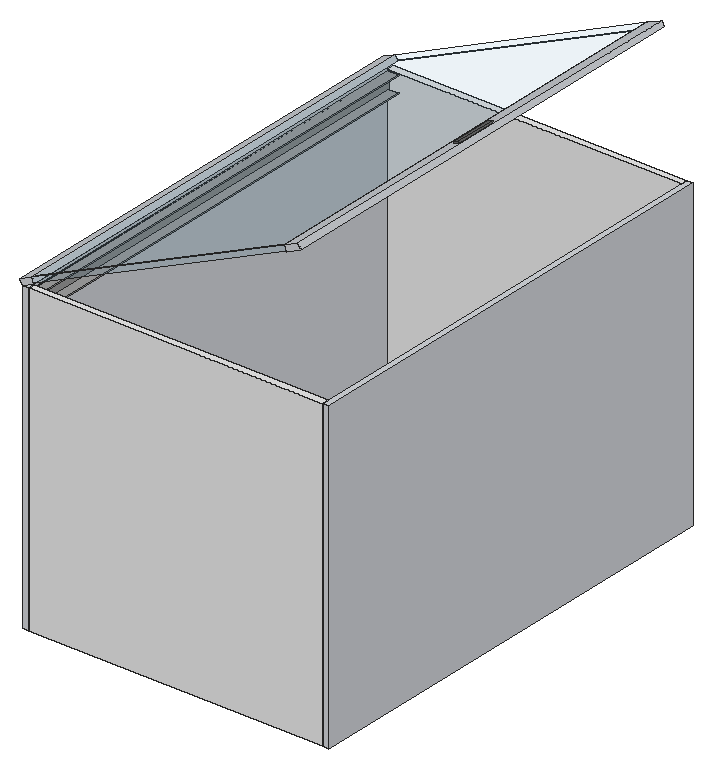
Revit family "Domotics-NetworkCabling-GEWISS-CABINETS_FLOOR-MOUNTED_19_24U_D800", category Apparecchi elettrici, host Superficie, Revit 2019
Family settings
  Host = Superficie
  Mantenere orientamento annotazione = Sì
  Quota connettore circolare = Usa diametro
  Tipo di parte = Normale
  Numero OmniClass = 23.80.30.00
  Titolo OmniClass = Distribution Devices
  Taglio con vuoti quando caricato = No
  Condiviso = No
  Punto di calcolo locali = Sì
Parameters (values of type "GW38461 - FLOOR RACK CABINET 19 24U 800x800MM")
  simbolo in pianta [instance] = yes
  n_poli = 1
  barra din = yes
  Visibilità sportello [instance] = yes
  Version file RFA = "21.2"
  URL = "https://www.gewiss.com/ww/en"
  Type of door = "Reversible"
  Technical sheet = "https://www.gewiss.com/ww/en/search?q=GW38461"
  Static load capacity = "1000KG"
  SEO = "Cabinet"
  Realized by GEWISS S.p.A. = ""
  Prospetto di default = 900 mm
  Produttore = "GEWISS S.p.A."
  Outer dim. LxHxD (mm) = "800x1185x800"
  Nome quadro [instance] = "n.quadro"
  No. uprights = "4"
  Modello = "GW38461"
  Material = "Steel"
  Immagine tipo = C.jpg
  IP degree = "IP20"
  IDT = "4a81b2fef4e14150ba3faaee316000c9"
  IDF = "d828743b-309c-4fe3-abe9-b9322d0b79af"
  Finishing = "Textured"
  Electrocod = "3752"
  Door opening = "135°"
  Distanza_x [instance] = 300 mm
  Distanza simbolo [instance] = 0 mm
  Distanza effettiva x [instance] = 1000 mm - Distanza_x  # 700 mm
  Descrizione = "FLOOR RACK CABINET 19 24U 800x800MM"
  Depth (mm) = "800 mm"
  Colour = "Grey (RAL 7035)"
  Category = "19” floor-standing cabinet"
  Catalogue = "DOMOTICS"
  Cabling unity = "24 U"
  COBie.Tagnumber = ""
  COBie.CreatedOn = ""
  COBie.CreatebBy = ""
  COBie.ComponentRegisterItemID = ""
  COBie.Component.TagNumber = ""
  COBie.Component.Space = ""
  COBie.Component.SerialNumber = ""
  COBie.Component.InstallationDate = ""
  COBie.Component.Description = ""
  COBie.Component.BarCode = ""
  Apertura [instance] = 25.00°
Reference planes
  plane 1 "Centro (Fronte/Retro)": y = 0
  plane 2: z = 0
  plane 3 "Centro (Sinistra/Destra)": x = 0
  plane 4: x = -1380.34
  plane 5: x = -680.34
Forms (mm)
  Extrusion 1, solid, detail levels coarse
    sketch origin (0, 0, 0) x (1, 0, 0) y (0, 1, 0)
      loop
        line (783.5, 0) -> (783.5, 1185) -> (-16.5, 1185) -> (-16.5, 0) -> (783.5, 0)
    from 0 to 600
Dimensions and locks
  plane 4 to plane 3 "Centro (Sinistra/Destra)" = 1380.34 mm
  "Distanza effettiva x": plane 4 to plane 5
  aligned and locked: host face to plane 2
  aligned and locked: host face to level
  aligned and locked: plane 1 "Centro (Fronte/Retro)" to nested 1
  aligned and locked: nested 2 to plane 5
  aligned and locked: Extrusion 1 sketch curve to nested 1  (x4)
  aligned and locked: plane 3 "Centro (Sinistra/Destra)" to nested 1
  aligned and locked: nested 1 to host face
Automatic sketch dimensions
  host sketch curve to host sketch curve = 3398.537 mm
  host sketch curve to host sketch curve = 3619.2 mm
Nested families
  nested 1: "DATACENTER ARMADIO PARETE 24U P800mm_base" at (-16.5, 0, 0), Apertura <- "Apertura", Sportello <- "Visibilità sportello", visible <- "Visibilità sportello", Barra din <- "barra din", Sportello visibile <- "Visibilità sportello", type "DATACENTER ARMADIO PARETE 24U P800mm_base", detail levels medium+fine
    with Sportello visibile yes, Sportello yes, Barra din yes, Apertura 25.00°
  nested 2: "DATACENTERsimbolo" at (-680.34, 911.19, 0), Distanza dal muro <- "Distanza simbolo", SIMBOLO ACCESO <- "simbolo in pianta", visible <- "simbolo in pianta", type "3P"
    with SIMBOLO ACCESO yes, Distanza dal muro 0 mm
Connectors
  electrical at (383.5, 592.5, 0), driven by "n_poli"
    settings: on nested 1, index 1, voltage 0 V, apparent load 0 VA, apparent load phase1 0 VA, apparent load phase2 0 VA, apparent load phase3 0 VA, power factor 1, load classification "Altro", number of poles 1, system type 31, power factor state 1, is connector primary yes, connector utility no, sub classification motor no, connector description ""
Definition of nested family "DATACENTER ARMADIO PARETE 24U P800mm_base"
  Parameters (values of type "DATACENTER ARMADIO PARETE 24U P800mm_base")
    Struttura = none
    Sportello_vetro = none
    Sportello visibile [instance] = yes
    Sportello lato = none
    Sportello [instance] = yes
    Profondità quadro = 800 mm  # constant formula
    L_quadro = 800 mm  # constant formula
    Barra din [instance] = yes
    Altezza quadro = 1185 mm  # constant formula
    Apertura [instance] = 32.00°
  Reference planes
    plane 1 "Centro (Fronte/Retro)": y = 0
    plane 2: z = 0
    plane 3 "Centro (Sinistra/Destra)": x = 0
    plane 4: x = 800
    plane 5: y = 1185
    plane 6: x = 16.5
    plane 7: y = 1168.5
    plane 8: y = 16.5
    plane 9: x = 783.5
    plane 10: z = 800
    plane 11: z = 16.5
    plane 12: x = 46.5
    plane 13: x = 18.5
    plane 14: z = 796
    plane 15: z = 751
    plane 16: z = 794
    plane 17: x = 20.5
    plane 18: z = 753
    plane 19: x = 44.5
    plane 20: z = 18.5
    plane 21: z = 63.5
    plane 22: z = 61.5
    plane 23: z = 20.5
  Forms (mm)
    Extrusion 1, solid, material <- "Struttura"
      sketch origin (0, 0, 0) x (1, 0, 0) y (0, 1, 0)
        loop
          line (16.5, 1168.5) -> (783.5, 1168.5) -> (783.5, 1185) -> (16.5, 1185) -> (16.5, 1168.5)
      from 0 to 800
    Extrusion 2, solid
      sketch origin (0, 0, 0) x (1, 0, 0) y (0, 1, 0)
        loop
          line (16.5, 1168.5) -> (16.5, 16.5) -> (783.5, 16.5) -> (783.5, 1168.5) -> (16.5, 1168.5)
      from 0 to 16.5
    Extrusion 3, solid
      sketch origin (458.466, 0, 1086.482) x (-0.848048, 0, -0.529919) y (0, -1, 0)
        loop
          line (-259.386, 0) -> (-259.386, -1185) -> (-220.759, -1185) -> (-220.759, 0) -> (-259.386, 0)
        loop
          line (540.614, -1185) -> (540.614, 0) -> (506.604, 0) -> (506.604, -1185) -> (540.614, -1185)
      from 0 to 15
    Extrusion 4, solid, material <- "Sportello_vetro", visible <- "Sportello visibile"
      sketch origin (458.466, 0, 1086.482) x (-0.848048, 0, -0.529919) y (0, -1, 0)
        loop
          line (506.604, 0) -> (-220.759, 0) -> (-220.759, -1185) -> (506.604, -1185) -> (506.604, 0)
      from 0 to 15
    Extrusion 5, solid
      sketch origin (0, 0, 0) x (1, 0, 0) y (0, 1, 0)
        loop
          line (0, 1185) -> (0, 0) -> (16.5, 0) -> (16.5, 1185) -> (0, 1185)
        loop
          line (800, 0) -> (800, 1185) -> (783.5, 1185) -> (783.5, 0) -> (800, 0)
      from 0 to 800
    Extrusion 6, solid, material <- "Struttura"
      sketch origin (0, 400, 0) x (1, 0, 0) y (0, 1, 0)
        loop
          line (16.5, -383.5) -> (16.5, -400) -> (783.5, -400) -> (783.5, -383.5) -> (16.5, -383.5)
      from 0 to 800
    Extrusion 7, solid
      sketch origin (458.466, 0, 1086.482) x (-0.848048, 0, -0.529919) y (0, -1, 0)
        loop
          line (-234.386, -647.5) -> (-234.386, -537.5) -> (-249.386, -537.5) -> (-249.386, -647.5) -> (-234.386, -647.5)
      from 2.698 to 17.686
    Extrusion 8, solid, visible <- "Barra din"
      sketch origin (0, 0, 0) x (1, 0, 0) y (0, 0, 1)
        loop
          line (46.5, 796) -> (18.5, 796) -> (18.5, 751) -> (46.5, 751) -> (46.5, 753) -> (20.5, 753) -> (20.5, 794) -> (46.5, 794) -> (46.5, 796)
      from -1168.5 to -16.5
    Extrusion 9, solid, visible <- "Barra din"
      sketch origin (0, 0, 600) x (1, 0, 0) y (0, 0, 1)
        loop
          line (46.5, -581.5) -> (46.5, -579.5) -> (20.5, -579.5) -> (20.5, -538.5) -> (46.5, -538.5) -> (46.5, -536.5) -> (18.5, -536.5) -> (18.5, -581.5) -> (46.5, -581.5)
      from -1168.5 to -16.5
  Lines and regions (mm)
    reference lines
      curve 1: line (458.466, 0, 1086.482) -> (0, 0, 800)
  Dimensions and locks
    "L_quadro": plane 3 "Centro (Sinistra/Destra)" to plane 4
    "Altezza quadro": plane 1 "Centro (Fronte/Retro)" to plane 5
    locked: plane 5 to plane 7 at 16.5
    locked: plane 9 to plane 4 at 16.5
    locked: plane 3 "Centro (Sinistra/Destra)" to plane 6 at 16.5
    locked: plane 1 "Centro (Fronte/Retro)" to plane 8 at 16.5
    "Profondità quadro": plane 10 to plane 2
    locked: plane 11 to level at 16.5
    locked: plane 6 to plane 12 at 30
    locked: Extrusion 3 sketch curve to Extrusion 3 sketch curve at 38.628
    locked: Extrusion 3 sketch curve to Extrusion 3 sketch curve at 34.009
    "L_quadro": Extrusion 3 sketch curve to Extrusion 3 sketch curve
    "Altezza quadro": Extrusion 3 sketch curve to Extrusion 3 sketch curve  (x2)
    "Altezza quadro": Extrusion 4 sketch curve to Extrusion 4 sketch curve
    Extrusion 7 sketch curve to Extrusion 7 sketch curve = 15 mm
    Extrusion 3 to Extrusion 3 = 1185 mm
    locked: plane 13 to plane 6 at 2
    locked: plane 10 to plane 14 at 4
    locked: plane 14 to plane 16 at 2
    locked: plane 18 to plane 15 at 2
    locked: plane 14 to plane 15 at 45
    locked: plane 23 to plane 20 at 2
    "Apertura": angle plane 10 to curve 1
    aligned and locked: level to plane 2
    aligned and locked: Extrusion 1 sketch curve to plane 7
    aligned and locked: Extrusion 1 sketch curve to plane 5
    aligned and locked: Extrusion 1 sketch curve to plane 6
    aligned and locked: Extrusion 1 sketch curve to plane 9
    aligned and locked: plane 10 to Extrusion 1
    aligned and locked: Extrusion 2 sketch curve to plane 6
    aligned and locked: Extrusion 2 sketch curve to plane 7
    aligned and locked: Extrusion 2 sketch curve to plane 9
    aligned and locked: Extrusion 2 sketch curve to plane 8
    aligned and locked: plane 11 to Extrusion 2
    aligned and locked: curve 1 to Extrusion 1
    aligned and locked: plane 10 to curve 1
    aligned and locked: Extrusion 3 sketch curve to plane 5
    aligned and locked: Extrusion 3 sketch curve to plane 1 "Centro (Fronte/Retro)"
    aligned and locked: Extrusion 4 sketch curve to curve 1
    aligned and locked: Extrusion 4 sketch curve to Extrusion 3  (x2)
    aligned and locked: Extrusion 5 sketch curve to plane 3 "Centro (Sinistra/Destra)"
    aligned and locked: Extrusion 5 sketch curve to plane 6
    aligned and locked: Extrusion 5 sketch curve to plane 4
    aligned and locked: Extrusion 5 sketch curve to plane 9
    aligned and locked: Extrusion 5 sketch curve to plane 5
    aligned and locked: Extrusion 5 sketch curve to plane 1 "Centro (Fronte/Retro)"
    aligned and locked: plane 10 to Extrusion 5
    aligned and locked: plane 8 to Extrusion 6 sketch curve
    aligned and locked: plane 1 "Centro (Fronte/Retro)" to Extrusion 6 sketch curve
    aligned and locked: plane 9 to Extrusion 6 sketch curve
    aligned and locked: plane 6 to Extrusion 6 sketch curve
    aligned and locked: Extrusion 8 sketch curve to plane 14
    aligned and locked: Extrusion 8 sketch curve to plane 13
    aligned and locked: Extrusion 8 sketch curve to plane 15
    aligned and locked: Extrusion 8 sketch curve to plane 18
    aligned and locked: Extrusion 8 sketch curve to plane 17
    aligned and locked: Extrusion 8 sketch curve to plane 12
    aligned and locked: Extrusion 8 sketch curve to plane 16
    aligned and locked: Extrusion 8 to Extrusion 1
    aligned and locked: Extrusion 8 to Extrusion 6
    aligned and locked: plane 21 to Extrusion 9 sketch curve
    aligned and locked: plane 22 to Extrusion 9 sketch curve
    aligned and locked: plane 23 to Extrusion 9 sketch curve
    aligned and locked: plane 20 to Extrusion 9 sketch curve
    aligned and locked: plane 17 to Extrusion 9 sketch curve
    aligned and locked: plane 13 to Extrusion 9 sketch curve
    aligned and locked: Extrusion 2 to Extrusion 9
    aligned and locked: Extrusion 9 to Extrusion 1
    aligned and locked: Extrusion 6 to Extrusion 1
  Automatic sketch dimensions
    plane 1 "Centro (Fronte/Retro)" to Extrusion 5 sketch curve = 0 mm
    Extrusion 5 sketch curve to plane 5 = 0 mm
    Extrusion 8 sketch curve to plane 12 = 0 mm
    Extrusion 9 sketch curve to plane 12 = 0 mm  (x2)
    Extrusion 7 sketch curve to curve 1 = 249.386 mm
    Extrusion 7 sketch curve to Extrusion 7 sketch curve = 15 mm
    Extrusion 7 sketch curve to curve 1 = 647.5 mm
    Extrusion 7 sketch curve to Extrusion 7 sketch curve = 110 mm
    curve 1 to plane 3 "Centro (Sinistra/Destra)" = 0 mm
    Extrusion 3 sketch curve to curve 1 = 0 mm
Definition of nested family "DATACENTERsimbolo"
  Parameters (values of type "3P")
    SIMBOLO ACCESO [instance] = yes
    Distanza dal muro [instance] = 0 mm
  Reference planes
    plane 1: y = 0
    plane 2: x = 0
  Dimensions and locks
    "Distanza dal muro": plane 1 to nested 1
    aligned and locked: plane 2 to nested 1
  Nested families
    nested 1: "DATACENTERsimbolo.base" at (0, 0, 0), type "3P"
      with CORNICE SIMBOLO yes
  Definition of nested family "DATACENTERsimbolo.base"
    Parameters (values of type "3P")
      Testo = ""
      CORNICE SIMBOLO [instance] = yes
      3P = yes
    Reference planes
      plane 1: y = 0
      plane 2: x = 0
    Lines and regions (mm)
      detail lines
        curve 1: line (6.852, 3.426, 0) -> (8.859, 3.426, 0)
        curve 2: line (8.859, 3.426, 0) -> (8.859, 0, 0)
        curve 3: line (8.859, 0, 0) -> (6.852, 0, 0)
        curve 4: line (6.852, 0, 0) -> (0, 3.426, 0)
        curve 5: line (0, 3.426, 0) -> (3.027, 3.426, 0)
        curve 6: line (3.027, 3.426, 0) -> (6.852, 3.426, 0)
        curve 7: line (6.852, 3.426, 0) -> (6.852, 0, 0)
        curve 8: line (6.852, 0, 0) -> (0, 0, 0)
        curve 9: line (0, 0, 0) -> (0, 3.426, 0)
        curve 10: line (7.856, 1.713, 0) -> (7.856, 2.67, 0)
        curve 11: line (8.526, 0.756, 0) -> (8.526, 1.713, 0)
        curve 12: line (8.526, 1.713, 0) -> (7.185, 1.713, 0)
        curve 13: line (7.185, 1.713, 0) -> (7.185, 0.756, 0)
    Text (mm)
      label "RJ" at (7.87, 1.29, 0), shows "Testo"
    Nested families
      nested 1: "testo_simb" at (7.89, 1.134, 0), type "3P"
        with SIMBOLO ACCESO yes, Distanza dal muro 0 mm
      nested 2: "testo_simb" at (7.855, 0, 0), type "3P"
        with SIMBOLO ACCESO yes, Distanza dal muro 0 mm
      nested 3: "testo_simb" at (7.855, 0, 0), type "3P"
        with SIMBOLO ACCESO yes, Distanza dal muro 0 mm
      nested 4: "testo_simb" at (7.855, 0, 0), type "3P"
        with SIMBOLO ACCESO yes, Distanza dal muro 0 mm
      nested 5: "testo_simb" at (7.855, 0, 0), type "3P"
        with SIMBOLO ACCESO yes, Distanza dal muro 0 mm
    Definition of nested family "testo_simb"
      Parameters (values of type "3P")
        testo simb = ""
        SIMBOLO ACCESO [instance] = yes
        Distanza dal muro [instance] = 0 mm
      Reference planes
        plane 1: y = 0
        plane 2: x = 0
      Text (mm)
        label "RJ" at (0.02, 0.123, 0), shows "testo simb"
